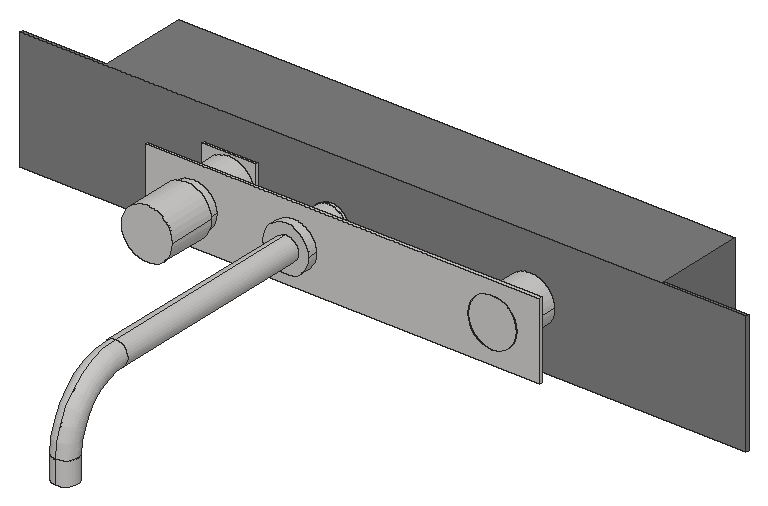
Revit family "CBR_4923", category Plumbing Fixtures, Revit 2021
Family settings
  Round Connector Dimension = Use Diameter
  Part Type = Normal
  Work Plane-Based = No
  Always vertical = Yes
  Cut with Voids When Loaded = No
  Shared = No
  Room Calculation Point = No
Parameters
  e-mail = "info@vola.com"
  URL = "http://vola.com"
  Telephone = "+45 7023 5500"
  Quality management standard = "ISO 9001"
  Organisation no. / DUNS no. = "17531328"
  Occupational health and safety management standard = "ISO 18001"
  Mounting Instructions = ""
  Model = "4923"
  Mixer Offset [instance] = 35.00 mm
  Mixer = yes
  Materials and components information = ""
  Manufacturer = "VOLA A/S"
  Maintenance Instructions = ""
  Guarantee = "2 years"
  Flow = "5,00 l/min"
  Environmental management standard = "ISO 14000"
  Default Elevation = 0.00 mm
  Connection - All relevant connections = "To valve box 3/8\" and to mixer ½\""
  Approvals = ""
Reference planes
  plane 1 "Center (Front/Back)": y = 0
  plane 2: z = 0
  plane 3 "Center (Left/Right)": x = 0
  plane 4 "Mixer plane": y = 35
  plane 5 "Wall Surface": y = 0
Forms (mm)
  Extrusion 1, solid, material "Stainless Steel"
    sketch origin (-13.2, 32.5, 0) x (0, 0, -1) y (1, 0, 0)
      loop
        circle (0, 13.2) r 13.2
    from 0 to 32.5
  Extrusion 2, solid, material "Stainless Steel"
    sketch origin (-100.868, 32.5, 21) x (-1, 0, 0) y (0, 0, -1)
      loop
        circle (-22.868, 21) r 19.5
    from 0 to 32.5
Dimensions and locks
  "Mixer Offset": plane 4 "Mixer plane" to plane 1 "Center (Front/Back)"
  aligned and locked: plane 2 to level
  aligned and locked: level to nested 1
  aligned and locked: nested 1 to plane 4 "Mixer plane"
  aligned and locked: plane 1 "Center (Front/Back)" to Extrusion 1
  aligned and locked: plane 1 "Center (Front/Back)" to Extrusion 2
Automatic sketch dimensions
  Extrusion 2 sketch curve to nested 1 = 21.00 mm  (x2)
  radius of Extrusion 1 sketch curve to nested 1 = 0.00 mm
  radius of Extrusion 2 sketch curve = 19.50 mm
Nested families
  nested 1: "4900" at (-39, 107, -65), visible <- "Mixer", type "4900"
  nested 2: "4003" at (39, 0, 0) x (1, 0, 0) z (0, -1, 0), type "4003"
  nested 3: "VR510" at (156, -0.5, 0), type "VR510"
  nested 4: "020" at (0, -2, 0), type "020"
  nested 5: "NR41" at (-78, -2, 0), type "NR41"
Connectors
  piping at (-105, 78, -65), diameter 19
    settings: on nested 1, index 1, connector inside diameter 0.74803", connector length 0.00 mm, flow factor 0, pipe flow 0 GPM, pressure drop 0.00 psi, fitting loss kfactor 0, connector angle 0.00°, fixture units 0, engagement length 0.00 mm, angle of deflection 0.00°, flow configuration 0, flow direction 1, fitting loss method 0, system type 19, joint type 0, gender type 0, connector reference index -1, connector utility 0, adjustable connector no, is connector primary yes, connector description ""
  piping at (-51, 78, -65), diameter 19
    settings: on nested 1, index 2, connector inside diameter 0.74803", connector length 0.00 mm, flow factor 0, pipe flow 0 GPM, pressure drop 0.00 psi, fitting loss kfactor 0, connector angle 0.00°, fixture units 0, engagement length 0.00 mm, angle of deflection 0.00°, flow configuration 0, flow direction 1, fitting loss method 0, system type 20, joint type 0, gender type 0, connector reference index -1, connector utility 0, adjustable connector no, is connector primary no, connector description ""
Definition of nested family "4900"
  Parameters
    e-mail = "info@vola.com"
    URL = "http://vola.com"
    Telephone = "+45 7023 5500"
    Quality management standard = "ISO 9001"
    Organisation no. / DUNS no. = "17531328"
    Occupational health and safety management standard = "ISO 18001"
    Mounting Instructions = ""
    Model = "5100"
    Materials and components information = ""
    Manufacturer = "VOLA A/S"
    Maintenance Instructions = ""
    Guarantee = "2 years"
    Flow = "43,00 l/min"
    Environmental management standard = "ISO 14000"
    Default Elevation = 0.00 mm
    Connection - All relevant connections = ""
    Approvals = "http://vola.com/service/producturl.ashx?name=5100"
  Reference planes
    plane 1 "Center (Front/Back)": y = 0
    plane 2: z = 0
    plane 3 "Center (Left/Right)": x = 0
    plane 4 "Inlet Center Plane": y = -29
    plane 5: z = 65
  Forms (mm)
    Extrusion 1, solid
      sketch origin (10, 0, -4) x (1, 0, 0) y (0, 1, 0)
        loop
          line (-148, 0) -> (-148, -70) -> (288, -70) -> (288, 0) -> (-148, 0)
      from 21.5 to 116.5
    Extrusion 2, solid
      sketch origin (10, -2, -4) x (1, 0, 0) y (0, 1, 0)
        loop
          line (-214.5, -68) -> (-214.5, -70) -> (354.5, -70) -> (354.5, -68) -> (-214.5, -68)
      from 21.5 to 116.5
    Extrusion 3, solid
      sketch origin (-54, -4, 17.5) x (0, 1, 0) y (1, 0, 0)
        loop
          circle (-25, -12) r 9.5
      from 0 to 17.5
    Extrusion 4, solid
      sketch origin (0, -4, 17.5) x (0, 1, 0) y (1, 0, 0)
        loop
          circle (-25, -12) r 9.5
      from 0 to 17.5
    Extrusion 5, solid
      sketch origin (-51.5, -72, -4) x (-1, 0, 0) y (0, 0, -1)
        loop
          line (8.5, -90) -> (8.5, -48) -> (-33.5, -48) -> (-33.5, -90) -> (8.5, -90)
      from 0 to 2.5
    Extrusion 6, solid
      sketch origin (26.5, -72, -4) x (-1, 0, 0) y (0, 0, -1)
        loop
          circle (-12.5, -69) r 13.2
      from 0 to 2.5
    Extrusion 7, solid
      sketch origin (143.5, -72, -4) x (-1, 0, 0) y (0, 0, -1)
        loop
          circle (-51.5, -69) r 16
      from 0 to 2.5
  Cuts and joins
    joined: Extrusion 1, Extrusion 2
  Lines and regions (mm)
    reference lines
      curve 1: line (195, -29, 65) -> (195, -121.5, 65)
      curve 2: line (39, -29, 65) -> (39, -121.5, 65)
      curve 3: line (-39, -29, 65) -> (-39, -121.5, 65)
      curve 4: line (-66, -29, 65) -> (-66, -29, -34)
      curve 5: line (-12, -29, 65) -> (-12, -29, -34)
  Dimensions and locks
    aligned and locked: plane 2 to level
    aligned and locked: Extrusion 1 to Extrusion 2
    aligned and locked: Extrusion 2 to Extrusion 1
Definition of nested family "4003"
  Parameters
    e-mail = "info@vola.com"
    URL = "http://vola.com"
    Telephone = "+45 7023 5500"
    Quality management standard = "ISO 9001"
    Organisation no. / DUNS no. = "17531328"
    Occupational health and safety management standard = "ISO 18001"
    Mounting Instructions = ""
    Model = "002L"
    Materials and components information = ""
    Manufacturer = "VOLA A/S"
    Maintenance Instructions = ""
    Guarantee = "2 years"
    Environmental management standard = "ISO 14000"
    Default Elevation = 1219.20 mm
    Connection - All relevant connections = ""
    Approvals = "http://vola.com/service/producturl.ashx?name=002L"
  Reference planes
    plane 1 "Center (Front/Back)": y = 0
    plane 2: z = 0
    plane 3 "Center (Left/Right)": x = 0
  Forms (mm)
    Extrusion 1, solid
      sketch origin (0, 0, 0) x (1, 0, 0) y (0, 1, 0)
        loop
          line (-154.5, 30) -> (-154.5, -30) -> (154.5, -30) -> (154.5, 30) -> (-154.5, 30)
        loop
          circle (-117, 0) r 18
        loop
          circle (-39, 0) r 16.5
        loop
          circle (117, 0) r 19
      from 0 to 2
    Extrusion 2, solid
      sketch origin (0, 0, 0) x (1, 0, 0) y (0, 1, 0)
        loop
          circle (116.999, -0.192) r 19
      from 0 to -35
  Dimensions and locks
    aligned and locked: plane 2 to level
Definition of nested family "VR510"
  Parameters
    e-mail = "info@vola.com"
    URL = "http://vola.com"
    Telephone = "+45 7023 5500"
    Quality management standard = "ISO 9001"
    Organisation no. / DUNS no. = "17531328"
    Occupational health and safety management standard = "ISO 18001"
    Mounting Instructions = ""
    Model = "RS82E"
    Materials and components information = ""
    Manufacturer = "VOLA A/S"
    Maintenance Instructions = ""
    Guarantee = "2 years"
    Environmental management standard = "ISO 14000"
    Default Elevation = 0.00 mm
    Connection - All relevant connections = ""
    Approvals = "http://vola.com/service/producturl.ashx?name=RS82E"
  Reference planes
    plane 1 "Center (Front/Back)": y = 0
    plane 2: z = 0
    plane 3 "Center (Left/Right)": x = 0
  Forms (mm)
    Extrusion 1, solid
      sketch origin (0, 0, 0) x (-1, 0, 0) y (0, 0, -1)
        loop
          circle (0, 0) r 19
      from 0 to 1.5
  Lines and regions (mm)
    model lines
      curve 1: circle (0, -1.5, 0) r 1.5 normal (0, 1, 0)
      curve 2: circle (0, -1.5, 5) r 1.5 normal (0, 1, 0)
      curve 3: circle (0, -1.5, -5) r 1.5 normal (0, 1, 0)
  Dimensions and locks
    aligned and locked: plane 2 to level
Definition of nested family "020"
  Parameters
    e-mail = "info@vola.com"
    URL = "http://vola.com"
    Telephone = "+45 7023 5500"
    Quality management standard = "ISO 9001"
    Organisation no. / DUNS no. = "17531328"
    Occupational health and safety management standard = "ISO 18001"
    Mounting Instructions = "http://vola.com/service/producturl.ashx?name=020"
    Model = "020"
    Materials and components information = "http://vola.com/service/producturl.ashx?name=020"
    Manufacturer = "VOLA A/S"
    Maintenance Instructions = "http://vola.com/service/producturl.ashx?name=020"
    Guarantee = "2 years"
    Environmental management standard = "ISO 14000"
    Default Elevation = 0.00 mm
    Connection - All relevant connections = ""
    Approvals = "http://vola.com/service/producturl.ashx?name=020"
  Reference planes
    plane 1 "Center (Front/Back)": y = 0
    plane 2: z = 0
    plane 3 "Center (Left/Right)": x = 0
  Forms (mm)
    Extrusion 1, solid
      sketch origin (0, 0, 0) x (1, 0, 0) y (0, 0, 1)
        loop
          circle (0, 0) r 18
      from 0 to 7
    Sweep 2, solid
      path origin (0, 0, 0) x (0, 1, 0) y (0, 0, 1)
        loop
          line (-7, 0) -> (-174, 0)
          arc (-174, 0) -> (-208.648, -14.352) -> (-223, -49) r 49
      profile origin (0, -208.648, -14.352) x (0, 0.707107, -0.707107) y (1, 0, 0)
        loop
          circle (0, 0) r 9.5
    Extrusion 3, solid
      sketch origin (0, -223, -49) x (0, -1, 0) y (-1, 0, 0)
        loop
          circle (0, 0) r 9.5
      from 0 to 18
  Dimensions and locks
    Sweep 2 sketch curve to plane 1 "Center (Front/Back)" = 223.00 mm
    aligned and locked: plane 2 to level
Definition of nested family "NR41"
  Parameters
    e-mail = "info@vola.com"
    URL = "http://vola.com"
    Telephone = "+45 7023 5500"
    Quality management standard = "ISO 9001"
    Organisation no. / DUNS no. = "17531328"
    Occupational health and safety management standard = "ISO 18001"
    Mounting Instructions = "http://vola.com/service/producturl.ashx?name=NR41"
    Model = "NR41"
    Materials and components information = "http://vola.com/service/producturl.ashx?name=NR41"
    Manufacturer = "VOLA A/S"
    Maintenance Instructions = "http://vola.com/service/producturl.ashx?name=NR41"
    Guarantee = "2 years"
    Environmental management standard = "ISO 14000"
    Default Elevation = 0.00 mm
    Connection - All relevant connections = ""
    Approvals = "http://vola.com/service/producturl.ashx?name=NR41"
  Reference planes
    plane 1 "Center (Front/Back)": y = 0
    plane 2: z = 0
    plane 3 "Center (Left/Right)": x = 0
  Forms (mm)
    Extrusion 1, solid
      sketch origin (0, -3, 0) x (1, 0, 0) y (0, 0, 1)
        loop
          circle (0, 0) r 20
      from 5 to 42.5
    Extrusion 2, solid
      sketch origin (0, 0, 0) x (1, 0, 0) y (0, 0, 1)
        loop
          circle (0, 0) r 18
      from 0 to 8
  Lines and regions (mm)
    model lines
      curve 1: line (-1.25, -45.5, 0) -> (1.25, -45.5, 0)
      curve 2: line (1.25, -45.5, 0) -> (1.25, -45.5, 18)
      curve 3: line (1.25, -45.5, 18) -> (-1.25, -45.5, 18)
      curve 4: line (-1.25, -45.5, 18) -> (-1.25, -45.5, 0)
  Dimensions and locks
    aligned and locked: plane 2 to level
    aligned and locked: Extrusion 1 to Extrusion 2
